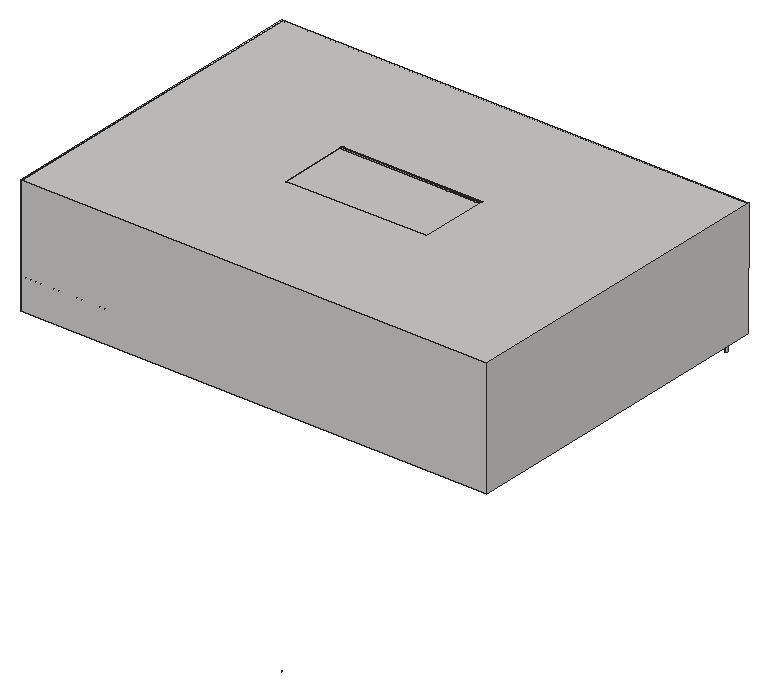
Revit family "QF_ELECTROLUXPROFESSIONAL_640272_VAP1220", category Specialty Equipment, Revit 2014
Reference planes
  plane 1: z = 0
  plane 2 "Center (Left/Right)": x = 150
  plane 3 "LEFT": x = -850
  plane 4 "RIGHT": x = 1150
  plane 5 "BACK": y = 550
  plane 6 "TOP": z = 2500
  plane 7 "Base": z = 2000
  plane 8: z = 1970
  plane 9 "DrainY": y = 450
  plane 10: x = -847
  plane 11 "DrainX": x = 1137
  plane 12 "AOLeft2": x = 450
  plane 13: x = 1147
  plane 14: x = -650
  plane 15: x = 950
  plane 16: x = 50
  plane 17: x = 250
  plane 18 "AOLeft1": x = -150
  plane 19: through (0, 550, 2133.855) normal (0, 0.5299, 0.848)
  plane 20: y = 0
  plane 21: y = -300
  plane 22: y = -150
  plane 23: y = -850
  plane 24: through (0, -850, 2133.855) normal (0, 0.5299, -0.848)
Forms (mm)
  Extrusion 1, solid, material "QF_Finishes_Stainless Steel"
    sketch origin (-850, 0, 360) x (0, 1, 0) y (0, 0, 1)
      loop
        line (550, 1640) -> (550, 2140) -> (-850, 2140) -> (-850, 1640) -> (550, 1640)
    from 0 to 3
  Extrusion 2, solid, material "QF_Finishes_Stainless Steel"
    sketch origin (1150, 0, 360) x (0, 1, 0) y (0, 0, 1)
      loop
        line (550, 1640) -> (550, 2140) -> (-850, 2140) -> (-850, 1640) -> (550, 1640)
    from 0 to -3
  Extrusion 3, solid, material "QF_Finishes_Stainless Steel"
    sketch origin (150, 0, 360) x (0, 1, 0) y (0, 0, 1)
      loop
        line (-850, 2140) -> (-850, 1640) -> (-840, 1640) -> (-840, 1640.8) -> (-849.2, 1640.8) -> (-849.2, 2139.19) -> (549.2, 2139.19) -> (549.2, 1640.8) -> (540, 1640.8) -> (540, 1640) -> (550, 1640) -> (550, 2140) -> (-850, 2140)
    from -1000 to 1000
  Extrusion 4, solid, material "QF_Finishes_Stainless Steel"
    sketch origin (0, 0, 2000) x (0, 1, 0) y (-1, 0, 0)
      loop
        circle (450, -1137) r 4.763
    from -30 to 0
  Extrusion 5, void
    sketch origin (0, 400, 2500) x (0, 1, 0) y (-1, 0, 0)
      loop
        line (-400, -450) -> (-400, 150) -> (-700, 150) -> (-700, -450) -> (-400, -450)
    from 0 to -10
  Extrusion 6, solid, material "QF_Finishes_Stainless Steel"
    sketch origin (0, 0, 0) x (1, 0, 0) y (0, 1, 0)
      loop
        line (-850, 550) -> (-850, 549) -> (-849, 549) -> (-849, 550) -> (-850, 550)
    from 0 to 1
  Extrusion 7, solid, material "QF_Finishes_Stainless Steel"
    sketch origin (150, 0, 360) x (0, 1, 0) y (0, 0, 1)
      loop
        line (503.5, 1837.574) -> (207.375, 2022.621) -> (192.198, 1998.364) -> (488.366, 1813.348) -> (503.5, 1837.574)
      loop
        line (-803.5, 1837.574) -> (-788.366, 1813.348) -> (-492.198, 1998.364) -> (-507.375, 2022.621) -> (-803.5, 1837.574)
    from -800 to -997
  Extrusion 8, solid, material "QF_Finishes_Stainless Steel"
    sketch origin (150, 0, 360) x (0, 1, 0) y (0, 0, 1)
      loop
        line (549.2, 1775.312) -> (472.742, 1823.075) -> (472.313, 1822.387) -> (549.2, 1774.355) -> (549.2, 1775.312)
      loop
        line (202.48, 1991.938) -> (126.212, 2039.602) -> (-426.212, 2039.602) -> (-502.48, 1991.938) -> (-502.063, 1991.27) -> (-426, 2038.801) -> (126, 2038.801) -> (202.063, 1991.27) -> (202.48, 1991.938)
      loop
        line (-849.2, 1775.312) -> (-849.2, 1774.355) -> (-772.313, 1822.387) -> (-772.742, 1823.075) -> (-849.2, 1775.312)
    from -997 to 997
  Extrusion 9, solid, material "QF_Finishes_Stainless Steel"
    sketch origin (150, 0, 360) x (0, 1, 0) y (0, 0, 1)
      loop
        line (-507.375, 2022.621) -> (-803.5, 1837.574) -> (-788.366, 1813.348) -> (-492.198, 1998.364) -> (-507.375, 2022.621)
      loop
        line (503.5, 1837.574) -> (207.375, 2022.621) -> (192.198, 1998.364) -> (488.366, 1813.348) -> (503.5, 1837.574)
    from 997 to 800
  Extrusion 10, solid, material "QF_Finishes_Stainless Steel"
    sketch origin (150, 0, 360) x (0, 1, 0) y (0, 0, 1)
      loop
        line (-507.375, 2022.621) -> (-803.5, 1837.574) -> (-788.366, 1813.348) -> (-492.198, 1998.364) -> (-507.375, 2022.621)
      loop
        line (503.5, 1837.574) -> (207.375, 2022.621) -> (192.198, 1998.364) -> (488.366, 1813.348) -> (503.5, 1837.574)
    from -100 to 100
  Extrusion 11, solid, material "QF_Finished_Chrome"
    sketch origin (150, 0, 360) x (0, 1, 0) y (0, 0, 1)
      loop
        line (503.5, 1837.574) -> (207.375, 2022.621) -> (192.198, 1998.364) -> (488.366, 1813.348) -> (503.5, 1837.574)
      loop
        line (-507.375, 2022.621) -> (-803.5, 1837.574) -> (-788.366, 1813.348) -> (-492.198, 1998.364) -> (-507.375, 2022.621)
    from -800 to -100
  Extrusion 12, solid, material "QF_Finished_Chrome"
    sketch origin (150, 0, 360) x (0, 1, 0) y (0, 0, 1)
      loop
        line (-507.375, 2022.621) -> (-803.5, 1837.574) -> (-788.366, 1813.348) -> (-492.198, 1998.364) -> (-507.375, 2022.621)
      loop
        line (503.5, 1837.574) -> (207.375, 2022.621) -> (192.198, 1998.364) -> (488.366, 1813.348) -> (503.5, 1837.574)
    from 100 to 800
  Sweep 13, solid, material "QF_Finishes_Stainless Steel"
    path origin (0, 0, 0) x (1, 0, 0) y (0, 1, 0)
      loop
        line (1150, 550) -> (-850, 550) -> (-850, -850) -> (1150, -850) -> (1150, 550)
    profile origin (1150, -150, 0) x (1, 0, 0) y (0, 0, 1)
      loop
        line (-3, 2000) -> (-3, 2000.8) -> (-19, 2000.8) -> (-19, 2010) -> (-20, 2010) -> (-20, 2000) -> (-3, 2000)
Cuts and joins
  Extrusion 5 cuts Extrusion 3
  joined: Extrusion 2, Extrusion 3, Sweep 13
Lines and regions (mm)
  symbolic lines, style "SpecialityEquipment", detail levels coarse
    curve 1: line (1150, 550, 2500) -> (-850, 550, 2500)
    curve 2: line (-850, 550, 2500) -> (-850, -850, 2500)
    curve 3: line (1150, -850, 2500) -> (1150, 550, 2500)
    curve 4: line (-850, 550, 0) -> (1150, -850, 0)
    curve 5: line (1150, 550, 0) -> (-850, -850, 0)
  symbolic lines, detail levels coarse
    curve 6: line (-850, -850, 0) -> (1150, -850, 0)
    curve 7: line (450, 0, 0) -> (-150, 0, 0)
    curve 8: line (450, -300, 0) -> (450, 0, 0)
    curve 9: line (-150, -300, 0) -> (450, -300, 0)
    curve 10: line (-150, 0, 0) -> (-150, -300, 0)
Dimensions and locks
  plane 3 "LEFT" to plane 4 "RIGHT" = 2000 mm
  equal spacing: plane 3 "LEFT", plane 2 "Center (Left/Right)", plane 4 "RIGHT"
  plane 7 "Base" to plane 8 = 30 mm
  plane 5 "BACK" to plane 9 "DrainY" = 100 mm  (x2)
  plane 3 "LEFT" to plane 10 = 3 mm
  plane 11 "DrainX" to plane 4 "RIGHT" = 13 mm
  plane 13 to plane 4 "RIGHT" = 3 mm
  plane 3 "LEFT" to plane 14 = 200 mm
  plane 15 to plane 4 "RIGHT" = 200 mm
  locked: plane 7 "Base" to level at 2000
  locked: plane 6 "TOP" to plane 7 "Base" at 500
  locked: plane 16 to plane 17 at 200
  equal spacing: plane 16, plane 2 "Center (Left/Right)", plane 17
  plane 5 "BACK" to plane 23 = 1400 mm  (x2)
  equal spacing: plane 5 "BACK", plane 22, plane 23
  locked: plane 20 to plane 21 at 300
  equal spacing: plane 20, plane 22, plane 21
  locked: plane 18 "AOLeft1" to plane 12 "AOLeft2" at 600
  equal spacing: plane 18 "AOLeft1", plane 2 "Center (Left/Right)", plane 12 "AOLeft2"
  aligned and locked: level to plane 1
  aligned and locked: plane 4 "RIGHT" to Extrusion 3
  aligned and locked: Extrusion 3 to plane 3 "LEFT"
  aligned and locked: Extrusion 7 to plane 10
  aligned and locked: Extrusion 7 to plane 14
  aligned and locked: Extrusion 2 to plane 13
  aligned and locked: plane 13 to Extrusion 9
  aligned and locked: plane 15 to Extrusion 9
  aligned and locked: plane 17 to Extrusion 10
  aligned and locked: Extrusion 10 to plane 16
  aligned and locked: plane 16 to Extrusion 11
  aligned and locked: Extrusion 11 to plane 14
  aligned and locked: Extrusion 12 to plane 17
  aligned and locked: Extrusion 12 to plane 15
  aligned and locked: Extrusion 8 to plane 10
  aligned and locked: plane 13 to Extrusion 8
  aligned and locked: Extrusion 5 to plane 18 "AOLeft1"
  aligned and locked: Extrusion 5 to plane 12 "AOLeft2"
  aligned and locked: plane 20 to curve 7
  aligned and locked: curve 9 to plane 21
  aligned and locked: plane 20 to Extrusion 5 sketch curve
  aligned and locked: Extrusion 5 sketch curve to plane 21
Automatic sketch dimensions
  Extrusion 1 sketch curve to plane 7 "Base" = 0 mm
  Extrusion 1 sketch curve to plane 5 "BACK" = 0 mm
  Extrusion 1 sketch curve to plane 6 "TOP" = 0 mm
  Extrusion 2 sketch curve to plane 7 "Base" = 0 mm
  Extrusion 2 sketch curve to plane 5 "BACK" = 0 mm
  Extrusion 2 sketch curve to plane 6 "TOP" = 0 mm
  Extrusion 3 sketch curve to plane 6 "TOP" = 0 mm
  Extrusion 3 sketch curve to plane 7 "Base" = 0 mm  (x2)
  Extrusion 3 sketch curve to plane 5 "BACK" = 0 mm
  Extrusion 3 sketch curve to Extrusion 3 sketch curve = 9.2 mm
  plane 7 "Base" to Extrusion 3 sketch curve = 0.8 mm  (x2)
  Extrusion 3 sketch curve to plane 5 "BACK" = 10 mm
  Extrusion 3 sketch curve to plane 5 "BACK" = 0.8 mm
  Extrusion 3 sketch curve to plane 6 "TOP" = 0.81 mm
  Extrusion 4 sketch curve to plane 9 "DrainY" = 0 mm
  Extrusion 4 sketch curve to plane 11 "DrainX" = 0 mm
  Extrusion 5 sketch curve to plane 12 "AOLeft2" = 0 mm
  Extrusion 5 sketch curve to plane 18 "AOLeft1" = 0 mm
  Extrusion 6 sketch curve to plane 3 "LEFT" = 0 mm
  Extrusion 6 sketch curve to plane 5 "BACK" = 0 mm
  plane 3 "LEFT" to Extrusion 6 sketch curve = 1 mm
  Extrusion 6 sketch curve to Extrusion 6 sketch curve = 1 mm
  Sweep 13 sketch curve to plane 3 "LEFT" = 0 mm
  Sweep 13 sketch curve to plane 4 "RIGHT" = 0 mm
  Sweep 13 sketch curve to plane 5 "BACK" = 0 mm
  profile plane to Sweep 13 sketch curve = 20 mm
  Sweep 13 sketch curve to Sweep 13 sketch curve = 1 mm
  profile plane to Sweep 13 sketch curve = 3 mm
  level to Sweep 13 sketch curve = 2000 mm
  Sweep 13 sketch curve to Sweep 13 sketch curve = 0.8 mm
  Sweep 13 sketch curve to Sweep 13 sketch curve = 9.2 mm
  Extrusion 11 sketch curve to plane 5 "BACK" = 46.5 mm
  plane 7 "Base" to Extrusion 11 sketch curve = 197.574 mm
  Extrusion 11 sketch curve to Extrusion 11 sketch curve = 15.134 mm  (x2)
  Extrusion 11 sketch curve to plane 6 "TOP" = 117.379 mm
  Extrusion 11 sketch curve to Extrusion 11 sketch curve = 24.226 mm  (x2)
  Extrusion 11 sketch curve to Extrusion 11 sketch curve = 15.177 mm  (x2)
  Extrusion 11 sketch curve to Extrusion 11 sketch curve = 24.257 mm  (x2)
  Extrusion 11 sketch curve to plane 6 "TOP" = 141.636 mm
  Extrusion 10 sketch curve to plane 6 "TOP" = 117.379 mm  (x2)
  Extrusion 10 sketch curve to Extrusion 10 sketch curve = 24.257 mm  (x2)
  Extrusion 10 sketch curve to Extrusion 10 sketch curve = 24.226 mm  (x2)
  Extrusion 10 sketch curve to Extrusion 10 sketch curve = 15.177 mm  (x2)
  plane 9 "DrainY" to Extrusion 10 sketch curve = 38.366 mm
  Extrusion 10 sketch curve to Extrusion 10 sketch curve = 15.134 mm  (x2)
  plane 7 "Base" to Extrusion 10 sketch curve = 173.348 mm  (x2)
  Extrusion 12 sketch curve to plane 6 "TOP" = 117.379 mm
  Extrusion 12 sketch curve to Extrusion 12 sketch curve = 15.177 mm  (x2)
  Extrusion 12 sketch curve to Extrusion 12 sketch curve = 24.257 mm  (x2)
  Extrusion 12 sketch curve to plane 6 "TOP" = 141.636 mm
  plane 7 "Base" to Extrusion 12 sketch curve = 197.574 mm  (x2)
  Extrusion 12 sketch curve to plane 9 "DrainY" = 257.802 mm
  plane 9 "DrainY" to Extrusion 12 sketch curve = 38.366 mm
  Extrusion 12 sketch curve to Extrusion 12 sketch curve = 15.134 mm  (x2)
  Extrusion 9 sketch curve to plane 6 "TOP" = 117.379 mm  (x2)
  Extrusion 9 sketch curve to Extrusion 9 sketch curve = 24.257 mm  (x2)
  Extrusion 9 sketch curve to Extrusion 9 sketch curve = 24.226 mm  (x2)
  Extrusion 9 sketch curve to plane 5 "BACK" = 46.5 mm
  plane 7 "Base" to Extrusion 9 sketch curve = 197.574 mm
  Extrusion 9 sketch curve to Extrusion 9 sketch curve = 15.134 mm  (x2)
  Extrusion 9 sketch curve to Extrusion 9 sketch curve = 15.177 mm  (x2)
  Extrusion 1 sketch curve to plane 21 = 550 mm
  Extrusion 2 sketch curve to plane 21 = 550 mm
  Extrusion 3 sketch curve to plane 21 = 540 mm
  Extrusion 3 sketch curve to Extrusion 3 sketch curve = 0.8 mm
  Extrusion 9 sketch curve to plane 21 = 192.198 mm
  plane 7 "Base" to Extrusion 9 sketch curve = 173.348 mm
  Extrusion 10 sketch curve to plane 21 = 192.198 mm
  Extrusion 11 sketch curve to plane 21 = 192.198 mm
  plane 7 "Base" to Extrusion 11 sketch curve = 173.348 mm
  Extrusion 12 sketch curve to plane 21 = 192.198 mm
  plane 7 "Base" to Extrusion 12 sketch curve = 173.348 mm
  Sweep 13 sketch curve to plane 21 = 550 mm
  curve 5 to plane 3 "LEFT" = 0 mm
  curve 4 to plane 3 "LEFT" = 0 mm
  curve 10 to plane 18 "AOLeft1" = 0 mm
  curve 8 to plane 12 "AOLeft2" = 0 mm
  curve 5 to plane 4 "RIGHT" = 0 mm
  curve 6 to plane 4 "RIGHT" = 0 mm
  curve 4 to plane 5 "BACK" = 0 mm
  curve 5 to plane 5 "BACK" = 0 mm
  curve 6 to plane 23 = 0 mm
  plane 23 to Extrusion 8 sketch curve = 0.8 mm
  plane 23 to Extrusion 8 sketch curve = 77.258 mm
  Extrusion 8 sketch curve to Extrusion 8 sketch curve = 0.43 mm  (x2)
  Extrusion 8 sketch curve to plane 6 "TOP" = 100.398 mm
  Extrusion 8 sketch curve to plane 21 = 126.212 mm
  Extrusion 8 sketch curve to Extrusion 8 sketch curve = 0.418 mm  (x2)
  plane 20 to Extrusion 8 sketch curve = 126 mm
  Extrusion 8 sketch curve to Extrusion 8 sketch curve = 0.212 mm  (x2)
  Extrusion 8 sketch curve to Extrusion 8 sketch curve = 76.063 mm
  Extrusion 8 sketch curve to plane 6 "TOP" = 148.062 mm
  plane 9 "DrainY" to Extrusion 8 sketch curve = 22.313 mm
  Extrusion 8 sketch curve to plane 5 "BACK" = 0.8 mm
  plane 7 "Base" to Extrusion 8 sketch curve = 183.075 mm  (x2)
  Extrusion 8 sketch curve to Extrusion 8 sketch curve = 0.688 mm  (x2)
  Extrusion 8 sketch curve to Extrusion 8 sketch curve = 0.669 mm
  Extrusion 8 sketch curve to Extrusion 8 sketch curve = 0.801 mm
  Extrusion 8 sketch curve to Extrusion 8 sketch curve = 47.531 mm
  plane 23 to Extrusion 7 sketch curve = 46.5 mm
  Extrusion 7 sketch curve to Extrusion 7 sketch curve = 15.134 mm  (x2)
  Extrusion 7 sketch curve to plane 21 = 207.375 mm
  Extrusion 7 sketch curve to Extrusion 7 sketch curve = 15.177 mm  (x2)
  plane 20 to Extrusion 7 sketch curve = 192.198 mm
  plane 9 "DrainY" to Extrusion 7 sketch curve = 38.366 mm
  plane 7 "Base" to Extrusion 7 sketch curve = 173.348 mm  (x2)
  Extrusion 7 sketch curve to Extrusion 7 sketch curve = 24.226 mm  (x2)
  Extrusion 7 sketch curve to Extrusion 7 sketch curve = 24.257 mm  (x2)
  curve 2 to plane 3 "LEFT" = 0 mm
  curve 2 to plane 23 = 0 mm
  curve 3 to plane 4 "RIGHT" = 0 mm
  curve 3 to plane 23 = 0 mm
  curve 2 to plane 5 "BACK" = 0 mm
  radius of Extrusion 4 sketch curve = 4.763 mm
Connectors
  piping at (1137, 450, 1970), diameter 9.5
    settings: on Extrusion 4, index 1, connector inside diameter 609.6 mm, connector length 0 mm, flow factor 0, pipe flow 0.0 L/s, pressure drop 0.0 Pa, fitting loss kfactor 0, connector angle 0.00°, fixture units 0, engagement length 0 mm, angle of deflection 0.00°, flow configuration 1, flow direction 2, fitting loss method 0, system type 16, joint type 0, gender type 0, connector reference index -1, connector utility 0, adjustable connector no, is connector primary yes, connector description "Drain"
  hvac at (150, -150, 2500)
    settings: on Extrusion 5, index 2, duct flow 0.0 L/s, flow factor 0, pres drop 0.0 Pa, loss coef 0, conn angle 0.00°, conn width 300 mm, conn height 600 mm, conn diameter 609.6 mm, duct sys type 3, conn prof type 1, flow config 1, flow direction 2, loss method 0, conn ref index -1, conn util no, is conn primary yes, conn desc "EXHAUST OUTLET"
